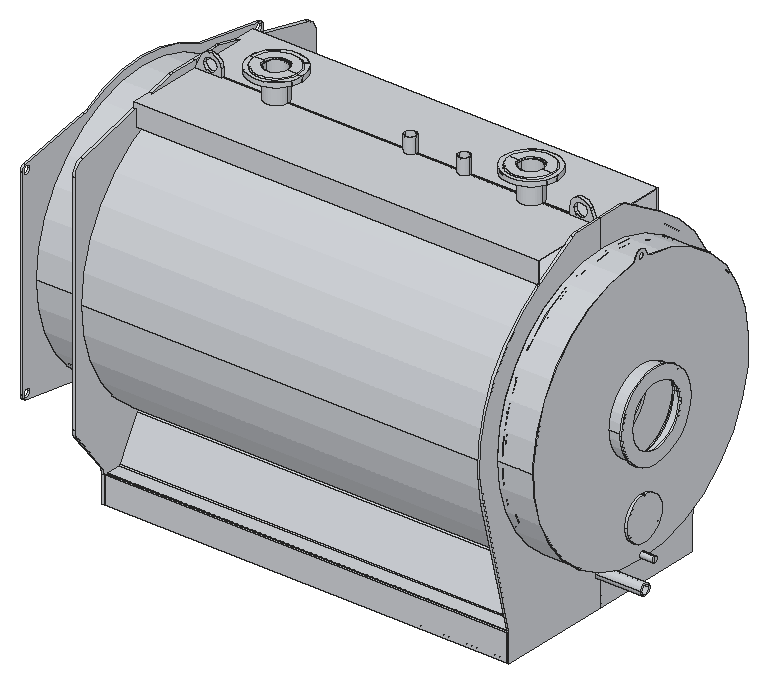
Revit family "BIMON_Котел_Водогрейный_TEMRON_WL500", category Оборудование, Revit 2019
Family settings
  Размер круглого соединителя = Использовать диаметр
  Классификация = Нет
  Тип детали = Нормальный
  На основе рабочей плоскости = Нет
  Всегда вертикально = Да
  При загрузке вырезать с полостями = Нет
  Общий = Нет
  Точка расчета площади = Нет
Parameters
  УГО_Резмер [instance] = 0 mm
  УГО [instance] = yes
  Разработчик_Сайт = "https://www.bimon.ru/"
  Разработчик = "BIMON"  # constant formula
  Изготовитель = "Temron"  # constant formula
  URL = "https://temron.ru/catalog/temron-wl/main-wl/"
  TERMON_Расход уходящих газов = "806 кг/ч"
  TEMRON_Теплопроизводительность = "0.5 МВт/0.429 (Гкал/ч)"
  TEMRON_Температура уходящих газов = "180-185 / 185-190 °С"
  TEMRON_Температура на выходе из котла = "110 °С"
  TEMRON_Температура на входе в котёл = "60 °С"
  TEMRON_Сопротивление газового тракта = "5 мбар"
  TEMRON_Расход топлива для природного газа = "54.9 м³/ч"
  TEMRON_Расход воды через котел = "17.1 м³/ч"
  TEMRON_Номинальная производительность = "0.5 МВт"
  TEMRON_Максимальное рабочее давление = "0.6 МПа"
  TEMRON_Максимальная температура пара = 110 mm
  TEMRON_КПД = "92.4 %"
  TEMRON_Водяной объём котла = "0.7 м³"
  D5_Уходящие газы = 250 mm  # constant formula
  D4_Дренажный патрубок газового котла = 15 mm  # constant formula
  D3_Дренажный патрубок = 32 mm  # constant formula
  D2_Аварийная линия = 32 mm  # constant formula
  D1_Выход теплоносителя = 80 mm  # constant formula
  D1_Вход теплоносителя = 80 mm  # constant formula
  ADSK_Этаж [instance] = ""
  ADSK_Расход жидкости [instance] = 0.0 L/s
  ADSK_Расход воздуха [instance] = 0.0 L/s
  ADSK_Примечание [instance] = ""
  ADSK_Позиция [instance] = ""
  ADSK_Обозначение = ADSK_Марка  # "WL 500"
  ADSK_Наименование краткое [instance] = "Котел низкого давления"
  ADSK_Наименование = "Водогрейный котел низкого давления"
  ADSK_Материал = none
  ADSK_Масса_Текст = "1102"
  ADSK_Масса = 1102  # constant formula
  ADSK_Марка = "WL 500"  # constant formula
  ADSK_Количество = 1  # constant formula
  ADSK_Код изделия = ""
  ADSK_Завод-изготовитель = "Temron"  # constant formula
  ADSK_Единица измерения = "шт"  # constant formula
  ADSK_URL страницы изделия = "https://temron.ru/catalog/temron-wl/vodogreynye-kotly-nizkogo-davleniya-temron-wl-500/"
Reference planes
  plane 1 "По центру (Вперед/Назад)": y = 0
  plane 2: z = 0
  plane 3 "По центру (Влево/Вправо)": x = 0
  plane 4: z = 1203.288
  plane 5: z = 1196
  plane 6: z = 1275
  plane 7: z = 1277
  plane 8: z = 1203.288
  plane 9: z = 740
  plane 10: z = 690
  plane 11: z = 675
  plane 12: z = 715
  plane 13: z = 715
  plane 14: z = 740
  plane 15: x = -500
Forms (mm)
  Extrusion 1, solid, detail levels fine
    sketch origin (0, 0, -334.999) x (0, 1, 0) y (0, 0, 1)
      loop
        circle (0, 1050) r 246.5
      loop
        circle (0, 1050) r 481
    from -1250 to 250
  Extrusion 2, solid, detail levels fine
    sketch origin (-1260, 1234.069, 865) x (0, 1, 0) y (0, 0, 1)
      loop
        circle (-1234.069, -150) r 481
      loop
        circle (-1234.069, -150) r 300
    from 0 to -1
  Extrusion 3, solid, detail levels fine
    sketch origin (258, 1168.888, 865) x (0, 1, 0) y (0, 0, 1)
      loop
        circle (-1168.888, -150) r 481
      loop
        circle (-1168.888, -150) r 180
    from 0 to 10
  Extrusion 4, solid, detail levels fine
    sketch origin (260, -3521.357, 2134.673) x (0, 1, 0) y (0, 0, 1)
      loop
        arc (4065.98, -1550.024) -> (4036.876, -1200.971) -> (3806.094, -937.487) r 560
        line (3806.094, -937.487) -> (3646.78, -841.641)
        arc (3646.78, -841.641) -> (3634.535, -836.463) -> (3621.357, -834.695) r 50
        line (3621.357, -834.695) -> (3521.357, -834.695) -> (3521.357, -938.695)
        arc (3521.357, -938.695) -> (4002.357, -1419.695) -> (3521.357, -1900.695) r 481
        line (3521.357, -1900.695) -> (3521.357, -1989.673)
        arc (3521.357, -1989.673) -> (3546.357, -2014.673) -> (3521.357, -2039.673) r 25
        line (3521.357, -2039.673) -> (3521.357, -2134.673) -> (3946.357, -2134.673) -> (3946.357, -2034.681)
        arc (3946.357, -2034.681) -> (3946.704, -2028.798) -> (3947.742, -2022.997) r 50
        line (3947.742, -2022.997) -> (4065.98, -1550.024)
    from -2 to -10
  Extrusion 5, solid, detail levels fine
    sketch origin (-1260, 1234.069, 1265) x (0, 1, 0) y (0, 0, 1)
      loop
        line (-819.027, -1257.6) -> (-844.527, -1257.6)
        arc (-844.527, -1257.6) -> (-847.002, -1258.625) -> (-848.027, -1261.1) r 3.5
        line (-848.027, -1261.1) -> (-848.027, -1265) -> (-809.069, -1265) -> (-809.069, -1165) -> (-848.027, -1165) -> (-848.027, -1168.9)
        arc (-848.027, -1168.9) -> (-847.002, -1171.375) -> (-844.527, -1172.4) r 3.5
        line (-844.527, -1172.4) -> (-819.027, -1172.4)
        arc (-819.027, -1172.4) -> (-814.431, -1174.304) -> (-812.527, -1178.9) r 6.5
        line (-812.527, -1178.9) -> (-812.527, -1251.1)
        arc (-812.527, -1251.1) -> (-814.431, -1255.696) -> (-819.027, -1257.6) r 6.5
      loop
        arc (-1649.11, -1257.6) -> (-1653.707, -1255.696) -> (-1655.61, -1251.1) r 6.5
        line (-1655.61, -1251.1) -> (-1655.61, -1178.9)
        arc (-1655.61, -1178.9) -> (-1653.707, -1174.304) -> (-1649.11, -1172.4) r 6.5
        line (-1649.11, -1172.4) -> (-1623.61, -1172.4)
        arc (-1623.61, -1172.4) -> (-1621.136, -1171.375) -> (-1620.11, -1168.9) r 3.5
        line (-1620.11, -1168.9) -> (-1620.11, -1165) -> (-1659.069, -1165) -> (-1659.069, -1265) -> (-1620.11, -1265) -> (-1620.11, -1261.1)
        arc (-1620.11, -1261.1) -> (-1621.136, -1258.625) -> (-1623.61, -1257.6) r 3.5
        line (-1623.61, -1257.6) -> (-1649.11, -1257.6)
    from 10 to 1510
  Sweep 6, solid, detail levels fine
    path origin (-490, 0, -334.992) x (1, 0, 0) y (0, 0, 1)
      loop
        line (600, 579.979) -> (600, 529.979)
        arc (600, 529.979) -> (621.967, 476.946) -> (675, 454.979) r 75
        line (675, 454.979) -> (915, 454.979)
    profile origin (110, 0, 219.987) x (0, -1, 0) y (1, 0, 0)
      loop
        circle (0, 0) r 21
      loop
        circle (0, 0) r 18
  Extrusion 7, solid, detail levels fine
    sketch origin (-1260, 1234.069, 915.02) x (0, 1, 0) y (0, 0, 1)
      loop
        circle (-1236.366, -200) r 532
      loop
        circle (-1236.366, -200) r 531
    from 0 to 1510
  Extrusion 8, solid, detail levels fine
    sketch origin (-1260, 1234.069, 531) x (0, 1, 0) y (0, 0, 1)
      loop
        line (-957.069, 665) -> (-957.069, 746) -> (-1233.069, 746) -> (-1233.069, 730) -> (-1231.069, 730) -> (-1231.069, 744) -> (-959.069, 744) -> (-959.069, 665) -> (-957.069, 665)
      loop
        line (-1237.065, 730) -> (-1235.065, 730) -> (-1235.065, 746) -> (-1511.069, 746) -> (-1511.069, 665) -> (-1509.069, 665) -> (-1509.069, 744) -> (-1237.065, 744) -> (-1237.065, 730)
    from 1510 to 0
  Extrusion 9, solid, detail levels fine
    sketch origin (-1260, 1234.069, 1265) x (0, 1, 0) y (0, 0, 1)
      loop
        line (-820.069, -1162) -> (-875.069, -1162)
        arc (-875.069, -1162) -> (-877.569, -1161.33) -> (-879.399, -1159.5) r 5
        line (-879.399, -1159.5) -> (-959.323, -1021.067)
        arc (-959.323, -1021.067) -> (-964.192, -1017.337) -> (-970.271, -1018.15) r 8
        line (-970.271, -1018.15) -> (-1004.893, -1038.139) -> (-1003.393, -1040.737) -> (-968.752, -1020.737)
        arc (-968.752, -1020.737) -> (-964.957, -1020.237) -> (-961.921, -1022.567) r 5
        line (-961.921, -1022.567) -> (-881.989, -1161)
        arc (-881.989, -1161) -> (-879.061, -1163.928) -> (-875.061, -1165) r 8
        line (-875.061, -1165) -> (-820.069, -1165) -> (-820.069, -1162)
      loop
        line (-1648.069, -1162) -> (-1648.069, -1165) -> (-1593.077, -1165)
        arc (-1593.077, -1165) -> (-1589.077, -1163.928) -> (-1586.149, -1161) r 8
        line (-1586.149, -1161) -> (-1506.216, -1022.567)
        arc (-1506.216, -1022.567) -> (-1503.18, -1020.237) -> (-1499.386, -1020.737) r 5
        line (-1499.386, -1020.737) -> (-1464.745, -1040.737) -> (-1463.245, -1038.139) -> (-1497.867, -1018.15)
        arc (-1497.867, -1018.15) -> (-1503.946, -1017.337) -> (-1508.815, -1021.067) r 8
        line (-1508.815, -1021.067) -> (-1588.739, -1159.5)
        arc (-1588.739, -1159.5) -> (-1590.569, -1161.33) -> (-1593.069, -1162) r 5
        line (-1593.069, -1162) -> (-1648.069, -1162)
    from 10 to 1510
  Revolve 10, solid, detail levels fine
    sketch origin (-240, 0, -285) x (1, 0, 0) y (0, 0, 1)
      loop
        line (-1021, 700) -> (-1021, 692) -> (183.215, 692) -> (256, 692)
        spline (256, 692) -> (277.614, 694.835) -> (298.6, 703.169) -> (318.506, 716.676) -> (337.048, 734.955) -> (354.017, 757.627) -> (369.221, 784.29) -> (382.472, 814.507) -> (393.591, 847.781) -> (402.416, 883.573) -> (408.809, 921.296) -> (412.692, 960.32) -> (414, 1000)
        line (414, 1000) -> (406, 1000)
        spline (406, 1000) -> (404.717, 960.842) -> (400.889, 922.354) -> (394.582, 885.195) -> (385.904, 850) -> (375.003, 817.372) -> (362.066, 787.868) -> (347.314, 761.994) -> (331, 740.192) -> (313.403, 722.836) -> (294.823, 710.222) -> (275.579, 702.567) -> (256, 700)
        line (256, 700) -> (-1021, 700)
      axis (-1021, 1000) -> (414, 1000)
    angle from 0 to 360
  Extrusion 11, solid, detail levels fine
    sketch origin (-4593.688, -1524, 737) x (-1, 0, 0) y (0, -1, 0)
      loop
        circle (-4143.688, -1524) r 20.95
      loop
        circle (-4143.688, -1524) r 19.45
    from 445 to 595
  Revolve 12, solid, detail levels fine
    sketch origin (-259.476, 0, -335) x (1, 0, 0) y (0, 0, 1)
      loop
        line (544.575, 1238.5) -> (398.657, 1238.5) -> (398.657, 1050) -> (406.657, 1050) -> (406.657, 1229.503) -> (544.575, 1229.503) -> (544.575, 1238.5)
      axis (544.575, 1050) -> (398.657, 1050)
    angle from 0 to 360
  Extrusion 13, solid, detail levels fine
    sketch origin (-1160, 0, 1431.988) x (1, 0, 0) y (0, 0, -1)
      loop
        line (-90, 235.988) -> (-90, 160.988) -> (-66.374, 109.347)
        arc (-66.374, 109.347) -> (-21.484, 86.905) -> (10, 125.988) r 40
        line (10, 125.988) -> (10, 235.988) -> (-90, 235.988)
      loop
        circle (-30, 125.988) r 25
    from -5 to 5
  Extrusion 14, solid, detail levels fine
    sketch origin (-1570, 0, 715) x (0, 1, 0) y (0, 0, 1)
      loop
        circle (0, 0) r 492.5
      loop
        circle (0, 0) r 498.5
    from 123 to 300
  Revolve 15, solid, detail levels fine
    sketch origin (-1570, 0, 690) x (1, 0, 0) y (0, 0, 1)
      loop
        line (300, -467.499) -> (300, -437.499) -> (239.893, -437.499) -> (126, -437.499)
        arc (126, -437.499) -> (123.879, -438.378) -> (123, -440.499) r 3
        line (123, -440.499) -> (123, -467.499) -> (300, -467.499)
      axis (123, 25) -> (300, 25)
    angle from 0 to 360
  Extrusion 16, solid, detail levels fine
    sketch origin (-1447, 0, 690) x (0, 1, 0) y (0, 0, 1)
      loop
        arc (267.615, 476.216) -> (259.256, 478.499) -> (251.417, 482.191) r 50
        arc (251.417, 482.191) -> (0, 550) -> (-251.417, 482.191) r 499.999
        arc (-251.417, 482.191) -> (-259.256, 478.499) -> (-267.615, 476.216) r 50
        line (-267.615, 476.216) -> (-543.578, 429.678)
        arc (-543.578, 429.678) -> (-555.355, 422.815) -> (-560, 410) r 20
        line (-560, 410) -> (-560, -335)
        arc (-560, -335) -> (-555.355, -347.815) -> (-543.578, -354.677) r 20
        line (-543.578, -354.677) -> (-267.615, -401.216)
        arc (-267.615, -401.216) -> (-259.256, -403.499) -> (-251.417, -407.19) r 50
        arc (-251.417, -407.19) -> (0, -474.999) -> (251.417, -407.19) r 499.999
        arc (251.417, -407.19) -> (259.256, -403.499) -> (267.615, -401.216) r 50
        line (267.615, -401.216) -> (543.578, -354.677)
        arc (543.578, -354.677) -> (555.287, -347.896) -> (559.999, -335.211) r 20
        line (559.999, -335.211) -> (559.988, 410.68)
        arc (559.988, 410.68) -> (555.135, 423.074) -> (543.578, 429.678) r 20
        line (543.578, 429.678) -> (267.615, 476.216)
      loop
        circle (540, 410) r 16
      loop
        circle (540, -335) r 16
      loop
        circle (-540, -335) r 16
      loop
        circle (-540, 410) r 16
      loop
        circle (0, 25.02) r 112.5
    from 0 to -8
  Extrusion 17, solid, detail levels fine
    sketch origin (-1165.3, -1524, 1708.003) x (0, 0, 1) y (0, -1, 0)
      loop
        circle (-993.003, -1524) r 144
      loop
        circle (-993.003, -1524) r 160
    from -297.736 to -289.7
  Extrusion 18, solid, detail levels fine
    sketch origin (-1173.336, -1524, 1708.003) x (0, 0, 1) y (0, -1, 0)
      loop
        circle (-993.003, -1524) r 160
    from -299.664 to -289.7
  Extrusion 19, solid, detail levels fine
    sketch origin (525, 0, 715.001) x (0, -1, 0) y (0, 0, 1)
      loop
        circle (0, 0) r 493
      loop
        circle (0, 0) r 496
    from 118 to 252
  Revolve 20, solid, detail levels fine
    sketch origin (1035, 0, 690) x (-1, 0, 0) y (0, 0, 1)
      loop
        line (749, -467.955) -> (749, -455.335)
        arc (749, -455.335) -> (749.293, -454.628) -> (750, -454.335) r 1
        line (750, -454.335) -> (762, -454.335) -> (762, -452.335) -> (750, -452.335)
        arc (750, -452.335) -> (747.879, -453.214) -> (747, -455.335) r 3
        line (747, -455.335) -> (747, -467.955) -> (749, -467.955)
      axis (747, 25) -> (762, 25)
    angle from 0 to 360
  Extrusion 21, solid, detail levels fine
    sketch origin (407, 0, 715) x (0, -1, 0) y (0, 0, 1)
      loop
        arc (44.352, 498.029) -> (32.65, 502.602) -> (24.651, 512.288) r 25
        line (24.651, 512.288) -> (20.392, 521.421)
        arc (20.392, 521.421) -> (0, 534.412) -> (-20.392, 521.421) r 22.5
        line (-20.392, 521.421) -> (-24.651, 512.288)
        arc (-24.651, 512.288) -> (-32.65, 502.602) -> (-44.352, 498.029) r 25
        arc (-44.352, 498.029) -> (0, -500) -> (44.352, 498.029) r 500
      loop
        circle (0, 511.912) r 12.5
      loop
        circle (0, 0) r 150
      loop
        circle (0, -358.977) r 65
    from 0 to -3
  Extrusion 22, solid, detail levels fine
    sketch origin (407, 0, 715) x (0, -1, 0) y (0, 0, 1)
      loop
        circle (0, 0) r 153
      loop
        circle (0, 0) r 150
    from -3 to -53
  Extrusion 23, solid, detail levels fine
    sketch origin (407, 0, 715) x (0, -1, 0) y (0, 0, 1)
      loop
        circle (0, 0) r 160
      loop
        circle (0, 0) r 112.5
    from -59 to -53
  Extrusion 24, solid, detail levels fine
    sketch origin (160, 0, 1431.988) x (-1, 0, 0) y (0, 0, 1)
      loop
        line (-90, -235.988) -> (10, -235.988) -> (10, -125.988)
        arc (10, -125.988) -> (-21.484, -86.905) -> (-66.374, -109.347) r 40
        line (-66.374, -109.347) -> (-90, -160.988) -> (-90, -235.988)
      loop
        circle (-30, -125.988) r 25
    from -5 to 5
  Extrusion 25, solid, detail levels fine
    sketch origin (-950, 0, 1155) x (1, 0, 0) y (0, 1, 0)
      loop
        circle (0, 0) r 40
      loop
        circle (0, 0) r 43
    from 25 to 227
  Extrusion 26, solid, detail levels fine
    sketch origin (-950, 0, 487) x (1, 0, 0) y (0, 1, 0)
      loop
        circle (0, 0) r 98
      loop
        circle (0, 0) r 45
    from 897 to 880
  Revolve 27, solid, detail levels fine
    sketch origin (-950, 0, 1174.63) x (1, 0, 0) y (0, 0, 1)
      loop
        line (-45, 192.37) -> (-45, 212.37) -> (-78.906, 212.37) -> (-81.906, 209.37) -> (-97.5, 209.37) -> (-97.5, 192.37) -> (-45, 192.37)
      axis (0, 212.37) -> (0, 192.37)
    angle from 0 to 360
  Extrusion 28, solid, detail levels fine
    sketch origin (-1260, -1234.069, 890) x (0, -1, 0) y (0, 0, -1)
      loop
        line (-1669.068, 760.001) -> (-1784.069, 614.869)
        arc (-1784.069, 614.869) -> (-1791.503, 600.681) -> (-1794.069, 584.87) r 50
        line (-1794.069, 584.87) -> (-1794.057, -260.001)
        arc (-1794.057, -260.001) -> (-1783.252, -291.044) -> (-1755.509, -308.671) r 50
        line (-1755.509, -308.671) -> (-1345.521, -408.671)
        arc (-1345.521, -408.671) -> (-1339.857, -409.664) -> (-1334.117, -410) r 50
        line (-1334.117, -410) -> (-1234.069, -410) -> (-1234.069, -306)
        arc (-1234.069, -306) -> (-1715.069, 175) -> (-1234.069, 656) r 481
        line (-1234.069, 656) -> (-1234.069, 890) -> (-1659.069, 890) -> (-1659.069, 790)
        arc (-1659.069, 790) -> (-1661.635, 774.189) -> (-1669.068, 760.001) r 50
    from 0 to 10
  Extrusion 29, solid, detail levels fine
    sketch origin (410, 0, 816.499) x (0, 1, 0) y (0, 0, 1)
      loop
        circle (0, -460) r 80
      loop
        circle (0, -387.5) r 4.75
      loop
        circle (62.787, -496.25) r 4.75
      loop
        circle (-62.787, -496.25) r 4.75
    from 0 to 13
  Extrusion 30, solid, detail levels fine
    sketch origin (-1260, 1234.069, 890) x (0, 1, 0) y (0, 0, 1)
      loop
        arc (-1669.068, -760.001) -> (-1661.635, -774.189) -> (-1659.069, -790) r 50
        line (-1659.069, -790) -> (-1659.069, -890) -> (-1234.069, -890) -> (-1234.069, -656)
        arc (-1234.069, -656) -> (-1715.069, -175) -> (-1234.069, 306) r 481
        line (-1234.069, 306) -> (-1234.069, 410) -> (-1334.117, 410)
        arc (-1334.117, 410) -> (-1339.857, 409.664) -> (-1345.521, 408.671) r 50
        line (-1345.521, 408.671) -> (-1755.509, 308.671)
        arc (-1755.509, 308.671) -> (-1783.252, 291.044) -> (-1794.057, 260.001) r 50
        line (-1794.057, 260.001) -> (-1794.069, -584.87)
        arc (-1794.069, -584.87) -> (-1791.503, -600.681) -> (-1784.069, -614.869) r 50
        line (-1784.069, -614.869) -> (-1669.068, -760.001)
    from 0 to 10
  Extrusion 31, solid, detail levels fine
    sketch origin (285.1, 0, 715) x (0, 1, 0) y (0, 0, 1)
      loop
        circle (0, 0) r 180
    from -24 to -10
  Extrusion 32, solid, detail levels fine
    sketch origin (260, 3521.357, 2134.673) x (0, -1, 0) y (0, 0, -1)
      loop
        line (4065.98, 1550.024) -> (3947.742, 2022.997)
        arc (3947.742, 2022.997) -> (3946.704, 2028.798) -> (3946.357, 2034.681) r 50
        line (3946.357, 2034.681) -> (3946.357, 2134.673) -> (3521.357, 2134.673) -> (3521.357, 2039.673)
        arc (3521.357, 2039.673) -> (3546.357, 2014.673) -> (3521.357, 1989.673) r 25
        line (3521.357, 1989.673) -> (3521.357, 1900.695)
        arc (3521.357, 1900.695) -> (4002.357, 1419.695) -> (3521.357, 938.695) r 481
        line (3521.357, 938.695) -> (3521.357, 834.695) -> (3621.357, 834.695)
        arc (3621.357, 834.695) -> (3634.535, 836.463) -> (3646.78, 841.641) r 50
        line (3646.78, 841.641) -> (3806.094, 937.487)
        arc (3806.094, 937.487) -> (4036.876, 1200.971) -> (4065.98, 1550.024) r 560
    from -2 to -10
  Extrusion 33, solid, detail levels fine
    sketch origin (0, 0, 1157) x (1, 0, 0) y (0, 1, 0)
      loop
        circle (0, 0) r 40
      loop
        circle (0, 0) r 43
    from 25 to 227
  Extrusion 34, solid, detail levels fine
    sketch origin (0, 0, 489) x (1, 0, 0) y (0, 1, 0)
      loop
        circle (0, 0) r 98
      loop
        circle (0, 0) r 45
    from 897 to 880
  Revolve 35, solid, detail levels fine
    sketch origin (0, 0, 1176.63) x (1, 0, 0) y (0, 0, 1)
      loop
        line (-45, 192.37) -> (-45, 212.37) -> (-78.906, 212.37) -> (-81.906, 209.37) -> (-97.5, 209.37) -> (-97.5, 192.37) -> (-45, 192.37)
      axis (0, 212.37) -> (0, 192.37)
    angle from 0 to 360
  Extrusion 36, solid, detail levels fine
    sketch origin (-4393.688, -1524, 737) x (-1, 0, 0) y (0, -1, 0)
      loop
        circle (-4143.688, -1524) r 20.95
      loop
        circle (-4143.688, -1524) r 19.45
    from 445 to 595
  Sweep 37, solid, detail levels fine
    path origin (4.937, 0, 192.37) x (0.96527, 0, 0.261254) y (-0.261254, 0, 0.96527)
      loop
        line (-1191.542, 1169.05) -> (-1234.684, 1193.958)
    profile origin (-1474.717, 0, 1015.909) x (-0.256382, 0, -0.966575) y (0, -1, 0)
      loop
        circle (0, 0.103) r 17
  Sweep 38, solid, detail levels fine
    path origin (23.384, 0, 187.477) x (0.96527, 0, 0.261254) y (-0.261254, 0, 0.96527)
      loop
        line (-1251.212, 1203.5) -> (-1265.068, 1211.5)
    profile origin (-1506.525, 0, 1024.346) x (-0.256382, 0, -0.966575) y (0, -1, 0)
      loop
        circle (0, 0) r 20
  Revolve 39, solid, detail levels fine
    sketch origin (-1447, 0, 715) x (1, 0, 0) y (0, 0, 1)
      loop
        line (0, 112.52) -> (177, 112.52) -> (177, 492.5) -> (0, 492.5) -> (0, 112.52)
      axis (177, 0) -> (0, 0)
    angle from 0 to 360
  Revolve 40, solid
    sketch origin (-366, 0, 62.681) x (1, 0, 0) y (0, 0, 1)
      loop
        line (776, 169.32) -> (826, 169.32) -> (826, 179.32) -> (776, 179.32) -> (776, 169.32)
      axis (776, 169.32) -> (826, 169.32)
    angle from 0 to 360
Lines and regions (mm)
  model lines, detail levels coarse+medium
    curve 1: line (-1550, 0, 1765) -> (550, 0, 1765)
    curve 2: line (-1550, 0, -335) -> (-1550, 0, 1765)
    curve 3: line (550, 0, -335) -> (-1550, 0, -335)
    curve 4: line (550, 0, 1765) -> (550, 0, -335)
Dimensions and locks
  plane 10 to level = 690 mm
  plane 11 to level = 675 mm
  plane 12 to level = 715 mm
  plane 13 to plane 2 = 715 mm
  Revolve 39 sketch curve to Revolve 39 sketch curve = 112.52 mm
  Revolve 39 sketch curve to Revolve 39 sketch curve = 492.5 mm
  diameter of Extrusion 1 sketch curve = 493 mm
  diameter of Extrusion 1 sketch curve = 962 mm
  aligned and locked: level to plane 2
  aligned and locked: Extrusion 5 to Extrusion 1
  aligned and locked: Extrusion 1 to Extrusion 5
Nested families
  nested 1: "Надпись_Temron_крышка_WL500" at (-1455, -326.042, 1023) x (0, -1, 0) z (1, 0, 0), type "Надпись_Temron_крышка_WL500", detail levels fine
  nested 2: "Надпись_Temron_бак_WL500" at (-500, -2.297, 715.02) x (-1, 0, 0) z (0, 0, 1), type "Надпись_Temron_бак_WL500", detail levels fine
  nested 3: "УГО_Котел_Разрез" at (-500, 0, 0), visible <- "УГО", type "УГО_Котел_Разрез", detail levels coarse+medium
    with H 2100 mm
Connectors
  piping at (460, 0, 232.001), diameter 15, driven by "D4_Дренажный патрубок газового котла"
    settings: on Revolve 40, index 9, connector inside diameter 609.6 mm, connector length 0 mm, flow factor 0, pipe flow 0.0 L/s, pressure drop 0.0 Pa, fitting loss kfactor 0, connector angle 0.00°, fixture units 0, engagement length 0 mm, angle of deflection 0.00°, flow configuration 1, flow direction 1, fitting loss method 0, system type 29, joint type 0, gender type 0, connector reference index -1, connector utility 0, adjustable connector no, is connector primary yes, connector description ""
  piping at (425, 0, 119.987), diameter 32, driven by "D3_Дренажный патрубок"
    settings: on Sweep 6, index 10, connector inside diameter 609.6 mm, connector length 0 mm, flow factor 0, pipe flow 0.0 L/s, pressure drop 0.0 Pa, fitting loss kfactor 0, connector angle 0.00°, fixture units 0, engagement length 0 mm, angle of deflection 0.00°, flow configuration 1, flow direction 1, fitting loss method 0, system type 29, joint type 0, gender type 0, connector reference index -1, connector utility 0, adjustable connector no, is connector primary no, connector description ""
  piping at (-950, 0, 1382), diameter 80, driven by "D1_Выход теплоносителя"
    settings: on Extrusion 25, index 11, connector inside diameter 609.6 mm, connector length 0 mm, flow factor 0, pipe flow 0.0 L/s, pressure drop 0.0 Pa, fitting loss kfactor 0, connector angle 0.00°, fixture units 0, engagement length 0 mm, angle of deflection 0.00°, flow configuration 0, flow direction 0, fitting loss method 0, system type 29, joint type 0, gender type 0, connector reference index -1, connector utility 0, adjustable connector no, is connector primary no, connector description ""
  piping at (0, 0, 1384), diameter 80, driven by "D1_Вход теплоносителя"
    settings: on Extrusion 33, index 12, connector inside diameter 609.6 mm, connector length 0 mm, flow factor 0, pipe flow 0.0 L/s, pressure drop 0.0 Pa, fitting loss kfactor 0, connector angle 0.00°, fixture units 0, engagement length 0 mm, angle of deflection 0.00°, flow configuration 0, flow direction 0, fitting loss method 0, system type 29, joint type 0, gender type 0, connector reference index -1, connector utility 0, adjustable connector no, is connector primary no, connector description ""
  piping at (-250, 0, 1332), diameter 32, driven by "D2_Аварийная линия"
    settings: on Extrusion 36, index 13, connector inside diameter 609.6 mm, connector length 0 mm, flow factor 0, pipe flow 0.0 L/s, pressure drop 0.0 Pa, fitting loss kfactor 0, connector angle 0.00°, fixture units 0, engagement length 0 mm, angle of deflection 0.00°, flow configuration 0, flow direction 0, fitting loss method 0, system type 29, joint type 0, gender type 0, connector reference index -1, connector utility 0, adjustable connector no, is connector primary no, connector description ""
  piping at (-450, 0, 1332), diameter 32, driven by "D2_Аварийная линия"
    settings: on Extrusion 11, index 14, connector inside diameter 609.6 mm, connector length 0 mm, flow factor 0, pipe flow 0.0 L/s, pressure drop 0.0 Pa, fitting loss kfactor 0, connector angle 0.00°, fixture units 0, engagement length 0 mm, angle of deflection 0.00°, flow configuration 0, flow direction 0, fitting loss method 0, system type 29, joint type 0, gender type 0, connector reference index -1, connector utility 0, adjustable connector no, is connector primary no, connector description ""
  hvac at (466, 0, 715), driven by "D5_Уходящие газы"
    settings: on Extrusion 23, index 15, duct flow 0.0 L/s, flow factor 0, pres drop 0.0 Pa, loss coef 0, conn angle 0.00°, conn width 304.8 mm, conn height 304.8 mm, conn diameter 250 mm, duct sys type 29, conn prof type 0, flow config 1, flow direction 2, loss method 0, conn ref index -1, conn util no, is conn primary yes, conn desc ""
Definition of nested family "Надпись_Temron_крышка_WL500"
  Parameters (values of type "Надпись_Temron_крышка_WL650")
    Default Elevation = 1219.2 mm
    Красный = none
    Белый = none
  Reference planes
    plane 1 "По центру (Вперед/Назад)": y = 0
    plane 2: z = 0
    plane 3 "По центру (Влево/Вправо)": x = 0
    plane 4: z = -0.5
    plane 5: z = -1
  Forms (mm)
    Extrusion 1, solid
      sketch origin (0, 0, 0) x (1, 0, 0) y (0, 1, 0)
        loop
          line (-1219.2, 1219.2) -> (-1219.2, -1219.2) -> (1300.204, -1219.2) -> (1300.204, 1219.2) -> (-1219.2, 1219.2)
      from 0 to -304.8
    Extrusion 2, solid, material <- "Белый"
      sketch origin (0, 0, 0) x (1, 0, 0) y (0, 1, 0)
        loop
          line (-125, 30.183) -> (-125, -30.183) -> (125, -30.183) -> (125, 30.183) -> (-125, 30.183)
      from -0.5 to 0
    Extrusion 3, solid, material <- "Красный"
      sketch origin (0, 0, 0) x (1, 0, 0) y (0, 1, 0)
        loop
          line (-125, -17.955) -> (-89.427, -17.955) -> (-89.427, -10.409) -> (-100.207, -10.409) -> (-100.207, 18.696) -> (-104.519, 18.696) -> (-109.908, 18.696) -> (-109.908, -10.409) -> (-125, -10.409) -> (-125, -17.955)
        loop
          line (-83.872, -17.955) -> (-57.892, -17.955) -> (-57.892, -10.409) -> (-75.14, -10.409) -> (-75.14, -2.863) -> (-60.048, -2.863) -> (-60.048, 3.604) -> (-75.14, 3.604) -> (-75.14, 11.15) -> (-57.892, 11.15) -> (-57.892, 18.696) -> (-83.872, 18.696) -> (-83.872, -17.955)
        loop
          line (-51.469, -17.955) -> (-41.543, -17.955) -> (-31.577, -3.722) -> (-21.272, -17.955) -> (-11.584, -17.955) -> (-11.584, 18.696) -> (-11.584, 30.183) -> (-21.286, 30.183) -> (-21.286, -2.863) -> (-28.958, 7.733) -> (-34.348, 7.733) -> (-41.767, -2.863) -> (-41.767, 18.696) -> (-51.469, 18.696) -> (-51.469, -17.955)
        loop
          line (-4.056, -17.955) -> (17.108, -17.955)
          spline (17.108, -17.955) -> (19.467, -17.341) -> (21.654, -16.055) -> (23.538, -14.176) -> (25.004, -11.817) -> (25.964, -9.122) -> (26.359, -6.252) -> (26.166, -3.383) -> (25.395, -0.687) -> (24.095, 1.672) -> (22.343, 3.551) -> (20.246, 4.836) -> (17.93, 5.451)
          line (17.93, 5.451) -> (27.205, 18.696) -> (17.634, 18.696) -> (10.45, 8.437)
          arc (10.45, 8.437) -> (6.829, 7.208) -> (4.567, 10.292) r 3.234
          line (4.567, 10.292) -> (4.567, 18.696) -> (-4.056, 18.696) -> (-4.056, -17.955)
        loop
          line (74.832, -17.955) -> (83.455, -17.955) -> (100.674, 6.636) -> (100.674, -17.955) -> (110.376, -17.955) -> (110.376, 18.696) -> (98.178, 18.696) -> (84.533, -0.791) -> (84.533, 18.696) -> (74.832, 18.696) -> (74.832, -17.955)
        loop
          line (4.567, 0) -> (4.567, -9.702) -> (12.232, -9.702)
          arc (12.232, -9.702) -> (17.083, -4.851) -> (12.232, 0) r 4.851
          line (12.232, 0) -> (4.567, 0)
        loop
          spline (49.762, -11.15) -> (52.273, -10.77) -> (54.613, -9.656) -> (56.622, -7.884) -> (58.164, -5.575) -> (59.133, -2.886) -> (59.464, 0) -> (59.133, 2.886) -> (58.164, 5.575) -> (56.622, 7.884) -> (54.613, 9.656) -> (52.273, 10.77) -> (49.762, 11.15)
          spline (49.762, 11.15) -> (47.251, 10.77) -> (44.911, 9.656) -> (42.902, 7.884) -> (41.36, 5.575) -> (40.391, 2.886) -> (40.06, 0) -> (40.391, -2.886) -> (41.36, -5.575) -> (42.902, -7.884) -> (44.911, -9.656) -> (47.251, -10.77) -> (49.762, -11.15)
        loop
          spline (49.762, -18.696) -> (54.505, -18.059) -> (58.925, -16.191) -> (62.72, -13.22) -> (65.632, -9.348) -> (67.463, -4.839) -> (68.087, 0) -> (67.463, 4.839) -> (65.632, 9.348) -> (62.72, 13.22) -> (58.925, 16.191) -> (54.505, 18.059) -> (49.762, 18.696)
          spline (49.762, 18.696) -> (45.019, 18.059) -> (40.599, 16.191) -> (36.804, 13.22) -> (33.892, 9.348) -> (32.061, 4.839) -> (31.437, 0) -> (32.061, -4.839) -> (33.892, -9.348) -> (36.804, -13.22) -> (40.599, -16.191) -> (45.019, -18.059) -> (49.762, -18.696)
      from -0.5 to -1
  Dimensions and locks
    level to plane 4 = 0.5 mm
    level to plane 5 = 1 mm
    aligned and locked: plane 2 to Extrusion 1
    aligned and locked: level to Extrusion 1
    aligned and locked: level to Extrusion 2
    aligned and locked: Extrusion 2 to plane 4
    aligned and locked: Extrusion 2 to Extrusion 3
    aligned and locked: Extrusion 3 to plane 5
Definition of nested family "Надпись_Temron_бак_WL500"
  Parameters (values of type "Надпись_Temron_бак_WL650")
    Default Elevation = 1219.2 mm
    Красный = none
  Reference planes
    plane 1 "По центру (Вперед/Назад)": y = 0
    plane 2: z = 0
    plane 3 "По центру (Влево/Вправо)": x = 0
    plane 4: x = -600
    plane 5: x = 600
    plane 6: z = 150
    plane 7: z = -150
    plane 8: y = -300
  Forms (mm)
    Extrusion 1, solid, material <- "Красный"
      sketch origin (4267.2, -300, 603.455) x (0, 0, 1) y (1, 0, 0)
        loop
          line (-453.455, -4867.2) -> (-453.455, -3667.2) -> (-753.455, -3667.2) -> (-753.455, -4306.538) -> (-701.522, -4306.538) -> (-520.342, -4306.538) -> (-520.342, -4354.429) -> (-590.703, -4405.372) -> (-520.342, -4454.639) -> (-520.342, -4503.704) -> (-701.522, -4503.704) -> (-701.522, -4455.745) -> (-594.946, -4455.745) -> (-647.327, -4419.067) -> (-647.327, -4392.423) -> (-594.946, -4354.497) -> (-753.455, -4354.497) -> (-753.455, -4867.2) -> (-557.644, -4867.2) -> (-557.644, -4792.596) -> (-701.522, -4792.596) -> (-701.522, -4744.637) -> (-557.644, -4744.637) -> (-557.644, -4691.348) -> (-520.342, -4691.348) -> (-520.342, -4867.2) -> (-453.455, -4867.2)
        loop
          line (-520.342, -4663.889) -> (-520.342, -4535.459) -> (-557.644, -4535.459) -> (-557.644, -4620.72) -> (-594.946, -4620.72) -> (-594.946, -4546.117) -> (-626.919, -4546.117) -> (-626.919, -4620.72) -> (-664.22, -4620.72) -> (-664.22, -4535.459) -> (-701.522, -4535.459) -> (-701.522, -4663.889) -> (-520.342, -4663.889)
        loop
          line (-701.522, -4269.325) -> (-520.342, -4269.325) -> (-520.342, -4164.702)
          spline (-520.342, -4164.702) -> (-523.378, -4153.041) -> (-529.733, -4142.227) -> (-539.022, -4132.914) -> (-550.682, -4125.666) -> (-564.009, -4120.922) -> (-578.194, -4118.969) -> (-592.379, -4119.925) -> (-605.705, -4123.733) -> (-617.366, -4130.161) -> (-626.655, -4138.821) -> (-633.009, -4149.189) -> (-636.045, -4160.636)
          line (-636.045, -4160.636) -> (-701.522, -4114.789) -> (-701.522, -4162.102) -> (-650.809, -4197.612)
          arc (-650.809, -4197.612) -> (-644.731, -4215.515) -> (-659.978, -4226.694) r 15.987
          line (-659.978, -4226.694) -> (-701.522, -4226.694) -> (-701.522, -4269.325)
        loop
          arc (-561.141, -4188.804) -> (-585.121, -4164.824) -> (-609.101, -4188.804) r 23.98
          line (-609.101, -4188.804) -> (-609.101, -4226.694) -> (-561.141, -4226.694) -> (-561.141, -4188.804)
        loop
          spline (-553.982, -4003.278) -> (-555.86, -3990.865) -> (-561.366, -3979.298) -> (-570.126, -3969.366) -> (-581.541, -3961.744) -> (-594.835, -3956.953) -> (-609.101, -3955.319) -> (-623.367, -3956.953) -> (-636.661, -3961.744) -> (-648.076, -3969.366) -> (-656.836, -3979.298) -> (-662.342, -3990.865) -> (-664.22, -4003.278)
          spline (-664.22, -4003.278) -> (-662.342, -4015.691) -> (-656.836, -4027.258) -> (-648.076, -4037.191) -> (-636.661, -4044.812) -> (-623.367, -4049.604) -> (-609.101, -4051.238) -> (-594.835, -4049.604) -> (-581.541, -4044.812) -> (-570.126, -4037.191) -> (-561.366, -4027.258) -> (-555.86, -4015.691) -> (-553.982, -4003.278)
        loop
          spline (-516.68, -4003.278) -> (-519.829, -3979.832) -> (-529.062, -3957.983) -> (-543.749, -3939.221) -> (-562.89, -3924.825) -> (-585.181, -3915.775) -> (-609.101, -3912.688) -> (-633.021, -3915.775) -> (-655.312, -3924.825) -> (-674.453, -3939.221) -> (-689.14, -3957.983) -> (-698.373, -3979.832) -> (-701.522, -4003.278)
          spline (-701.522, -4003.278) -> (-698.373, -4026.725) -> (-689.14, -4048.573) -> (-674.453, -4067.335) -> (-655.312, -4081.732) -> (-633.021, -4090.782) -> (-609.101, -4093.868) -> (-585.181, -4090.782) -> (-562.89, -4081.732) -> (-543.749, -4067.335) -> (-529.062, -4048.573) -> (-519.829, -4026.725) -> (-516.68, -4003.278)
        loop
          line (-701.522, -3879.348) -> (-520.342, -3879.348) -> (-520.342, -3836.718) -> (-641.904, -3751.599) -> (-520.342, -3751.599) -> (-520.342, -3703.64) -> (-701.522, -3703.64) -> (-701.522, -3763.936) -> (-605.189, -3831.389) -> (-701.522, -3831.389) -> (-701.522, -3879.348)
      from 0 to -462.513
    Extrusion 2, void
      sketch origin (0, 366.649, -506.998) x (0, 1, 0) y (0, 0, 1)
        loop
          circle (-366.649, 506.998) r 532
      from -1351.217 to 1540.529
    Extrusion 3, void
      sketch origin (0, 0, 0) x (0, 1, 0) y (0, 0, 1)
        loop
          circle (0, 0) r 533
        loop
          circle (0, 0) r 860
      from -1499.991 to 995.39
  Cuts and joins
    Extrusion 2, Extrusion 3 cuts Extrusion 1
  Dimensions and locks
    plane 5 to plane 3 "По центру (Влево/Вправо)" to plane 4 = 600 mm, 600 mm
    plane 6 to level = 150 mm
    level to plane 7 = 150 mm
    plane 8 to plane 1 "По центру (Вперед/Назад)" = 300 mm
    aligned and locked: level to plane 2
    aligned and locked: plane 7 to Extrusion 1 sketch curve  (x2)
    aligned and locked: Extrusion 1 sketch curve to plane 6
    aligned and locked: Extrusion 1 sketch curve to plane 5
    aligned and locked: plane 4 to Extrusion 1 sketch curve  (x2)
Definition of nested family "УГО_Котел_Разрез"
  Parameters (values of type "УГО_Котел_Разрез")
    H [instance] = 250 mm
  Reference planes
    plane 1 "По центру (Вперед/Назад)": y = 0
    plane 2: z = 0
    plane 3 "По центру (Влево/Вправо)": x = 0
  Lines and regions (mm)
    detail lines, in view "Опорный уровень"
      curve 1: line (-125, 125, 0) -> (125, 125, 0)
      curve 2: line (-125, -125, 0) -> (-125, 125, 0)
      curve 3: line (125, -125, 0) -> (-125, -125, 0)
      curve 4: line (125, 125, 0) -> (125, -125, 0)
  Dimensions and locks
    equal spacing: curve 2, plane 3 "По центру (Влево/Вправо)", curve 4
    equal spacing: curve 3, plane 1 "По центру (Вперед/Назад)", curve 1
    "H": curve 1 to curve 3
    "H": curve 2 to curve 4
